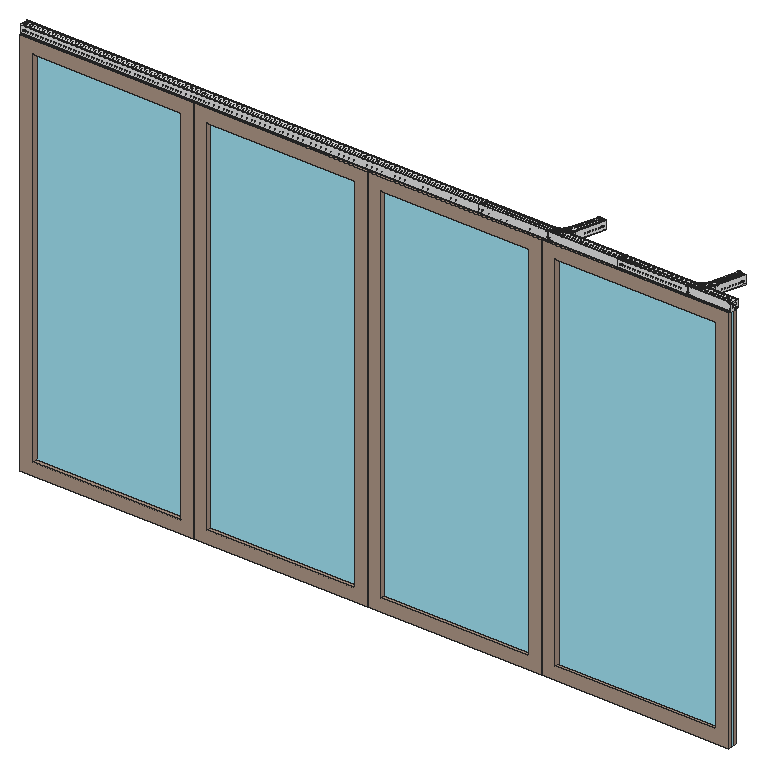
Revit family "RAYDOOR-SSPA3PV1", category Doors, host Wall, Revit 2016
Family settings
  Host = Wall
  Always vertical = Yes
  Cut with Voids When Loaded = No
  Shared = No
  Room Calculation Point = No
Parameters (values of type "167 7/8"x95"")
  URL = "www.raydoor.com"
  Type Image = SSPAPV.jpg
  Thickness = 2 1/4"  # constant formula
  Rough Width = 1"  # constant formula
  Rough Height = (Width - 3 7/8") / 4  # 41"
  Pivot Panel 2 = Rough Height + 3 21/32"  # 44 21/32"
  Pivot Panel = Rough Height + 3"  # 44"
  Panel = Rough Height + 3/32"  # 41 3/32"
  Operation = "sliding+pivot"  # constant formula
  Model = "SSPAPV"
  Function = Interior
  Door Material = Door - Panel
  Panel Material = Glass, Cast, Gray
  Height = 95"
  Trim Projection Ext = 63/64"  # constant formula
  Typ = 3"  # constant formula
  Wall Closure = By host
  Width = 167 7/8"
  Assembly Code = "SSPA3PV1"
Reference planes (in)
  plane 1: y = 0.00227
  plane 2: z = 0
  plane 3: x = 82.5
  plane 4: x = -1.4375
  plane 5: x = 166.4375
  plane 6: z = 95
  plane 7: x = 163.4375
  plane 8: x = 164.9375
  plane 9: x = 0.0625
  plane 10: x = 1.5625
  plane 11: y = -1.12355
  plane 12: y = 1.12645
  plane 13: z = 92.78125
  plane 14: x = 42.65625
  plane 15: x = 41.15625
  plane 16: x = 36.65625
  plane 17: x = 38.15625
  plane 18: x = 120.28125
  plane 19: x = 121.78125
  plane 20: x = 118.78125
  plane 21: x = 79.21875
  plane 22: x = 80.71875
  plane 23: x = 77.71875
  plane 24: x = 82.21875
  plane 25: x = 83.71875
  plane 26: x = 123.28125
  plane 27: x = 124.78125
  plane 28: x = 39.65625
Forms (in)
  Extrusion 1, solid, material "Door - Panel" <- "Door Material"
    sketch origin (-58, 3.87418, 0.25) x (1, 0, 0) y (0, 0, 1)
      loop
        line (97.6875, 92.53125) -> (97.6875, 0.375) -> (138.6875, 0.375) -> (138.6875, 92.53125) -> (97.6875, 92.53125)
      loop
        line (100.6875, 89.53125) -> (100.6875, 3.375) -> (135.6875, 3.375) -> (135.6875, 89.53125) -> (100.6875, 89.53125)
    from 2.74773 to 4.99773
  Extrusion 2, solid, material "Glass, Cast, Gray" <- "Panel Material"
    sketch origin (-57.74997, -26.22787, 0.25) x (1, 0, 0) y (0, 0, 1)
      loop
        line (97.43747, 92.53125) -> (97.43747, 0.375) -> (138.43747, 0.375) -> (138.43747, 92.53125) -> (97.43747, 92.53125)
    from -26.35104 to -26.10268
  Extrusion 3, solid, material "UHMW, White"
    sketch origin (0, 40.4202, -9.0893) x (0, 1, 0) y (0, 0, 1)
      loop
        arc (-39.68171, 103.71529) -> (-39.61212, 103.68646) -> (-39.58329, 103.61686) r 0.09843
        line (-39.58329, 103.61686) -> (-39.58329, 102.83537)
        arc (-39.58329, 102.83537) -> (-39.61289, 102.79387) -> (-39.66373, 102.79009) r 0.06004
        line (-39.66373, 102.79009) -> (-40.08329, 102.79009)
        arc (-40.08329, 102.79009) -> (-40.09721, 102.78433) -> (-40.10297, 102.77041) r 0.01969
        line (-40.10297, 102.77041) -> (-40.10297, 102.41607) -> (-40.04392, 102.41607)
        arc (-40.04392, 102.41607) -> (-40.03, 102.42184) -> (-40.02423, 102.43576) r 0.01969
        line (-40.02423, 102.43576) -> (-40.02423, 102.63261)
        arc (-40.02423, 102.63261) -> (-40.01847, 102.64653) -> (-40.00455, 102.6523) r 0.01969
        line (-40.00455, 102.6523) -> (-39.55179, 102.6523) -> (-39.55179, 102.21922)
        arc (-39.55179, 102.21922) -> (-39.55756, 102.20531) -> (-39.57148, 102.19954) r 0.01969
        line (-39.57148, 102.19954) -> (-40.07345, 102.19954)
        arc (-40.07345, 102.19954) -> (-40.10297, 102.16017) -> (-40.07345, 102.1208) r 0.04101
        line (-40.07345, 102.1208) -> (-39.51242, 102.1208)
        arc (-39.51242, 102.1208) -> (-39.48458, 102.13233) -> (-39.47305, 102.16017) r 0.03937
        line (-39.47305, 102.16017) -> (-39.47305, 104.05943)
        arc (-39.47305, 104.05943) -> (-39.4818, 104.08055) -> (-39.50292, 104.0893) r 0.02987
        line (-39.50292, 104.0893) -> (-39.55179, 104.0893) -> (-39.55179, 103.82552) -> (-40.02423, 103.82552) -> (-40.02423, 103.91214) -> (-39.95337, 103.91214) -> (-39.95337, 103.983) -> (-40.07345, 103.983)
        arc (-40.07345, 103.983) -> (-40.09433, 103.97436) -> (-40.10297, 103.95348) r 0.02953
        line (-40.10297, 103.95348) -> (-40.10297, 103.73497)
        arc (-40.10297, 103.73497) -> (-40.09721, 103.72105) -> (-40.08329, 103.71529) r 0.01969
        line (-40.08329, 103.71529) -> (-39.68171, 103.71529)
      loop
        line (-39.55967, 104.0893) -> (-41.2762, 104.0893) -> (-41.2762, 103.99088) -> (-41.20534, 103.99088) -> (-41.20534, 103.89998) -> (-41.2762, 103.89998) -> (-41.2762, 103.84127) -> (-40.81951, 103.84127) -> (-40.81951, 103.89998) -> (-40.89038, 103.89998) -> (-40.89038, 103.99088) -> (-40.75555, 103.99088)
        arc (-40.75555, 103.99088) -> (-40.73784, 103.98498) -> (-40.72721, 103.96964) r 0.02953
        line (-40.72721, 103.96964) -> (-40.70559, 103.89245) -> (-40.13028, 103.89245) -> (-40.10866, 103.96964)
        arc (-40.10866, 103.96964) -> (-40.09803, 103.98498) -> (-40.08032, 103.99088) r 0.02953
        line (-40.08032, 103.99088) -> (-39.94549, 103.99088) -> (-39.94549, 103.89998) -> (-40.01636, 103.89998) -> (-40.01636, 103.84127) -> (-39.55967, 103.84127) -> (-39.55967, 103.89998) -> (-39.63053, 103.89998) -> (-39.63053, 103.99088) -> (-39.55967, 103.99088) -> (-39.55967, 104.0893)
      loop
        line (-41.15416, 103.71529) -> (-40.75258, 103.71529)
        arc (-40.75258, 103.71529) -> (-40.73866, 103.72105) -> (-40.7329, 103.73497) r 0.01969
        line (-40.7329, 103.73497) -> (-40.7329, 103.95348)
        arc (-40.7329, 103.95348) -> (-40.74154, 103.97436) -> (-40.76242, 103.983) r 0.02953
        line (-40.76242, 103.983) -> (-40.8825, 103.983) -> (-40.8825, 103.91214) -> (-40.81164, 103.91214) -> (-40.81164, 103.82552) -> (-41.28408, 103.82552) -> (-41.28408, 104.0893) -> (-41.33295, 104.0893)
        arc (-41.33295, 104.0893) -> (-41.35407, 104.08055) -> (-41.36282, 104.05943) r 0.02987
        line (-41.36282, 104.05943) -> (-41.36282, 102.16017)
        arc (-41.36282, 102.16017) -> (-41.35129, 102.13233) -> (-41.32345, 102.1208) r 0.03937
        line (-41.32345, 102.1208) -> (-40.76242, 102.1208)
        arc (-40.76242, 102.1208) -> (-40.7329, 102.16017) -> (-40.76242, 102.19954) r 0.04101
        line (-40.76242, 102.19954) -> (-41.26439, 102.19954)
        arc (-41.26439, 102.19954) -> (-41.27831, 102.20531) -> (-41.28408, 102.21922) r 0.01969
        line (-41.28408, 102.21922) -> (-41.28408, 102.6523) -> (-40.83132, 102.6523)
        arc (-40.83132, 102.6523) -> (-40.8174, 102.64653) -> (-40.81164, 102.63261) r 0.01969
        line (-40.81164, 102.63261) -> (-40.81164, 102.43576)
        arc (-40.81164, 102.43576) -> (-40.80587, 102.42184) -> (-40.79195, 102.41607) r 0.01969
        line (-40.79195, 102.41607) -> (-40.7329, 102.41607) -> (-40.7329, 102.77041)
        arc (-40.7329, 102.77041) -> (-40.73866, 102.78433) -> (-40.75258, 102.79009) r 0.01969
        line (-40.75258, 102.79009) -> (-41.17214, 102.79009)
        arc (-41.17214, 102.79009) -> (-41.22298, 102.79387) -> (-41.25258, 102.83537) r 0.06004
        line (-41.25258, 102.83537) -> (-41.25258, 103.61686)
        arc (-41.25258, 103.61686) -> (-41.22375, 103.68646) -> (-41.15416, 103.71529) r 0.09843
    from -1.4375 to 166.4375
  Extrusion 4, void
    sketch origin (-195.25, -5.58383, 0.25) x (1, 0, 0) y (0, 0, 1)
      loop
        line (193.8125, -0.25) -> (361.6875, -0.25) -> (361.6875, 94.75) -> (193.8125, 94.75) -> (193.8125, -0.25)
    from -8.08609 to -3.08609
  Extrusion 5, solid, material "UHMW, White"
    sketch origin (-95.86615, -11.16274, 94.125) x (0, -1, 0) y (1, 0, 0)
      loop
        circle (-11.16501, 134.0224) r 0.125
    from -1.34375 to 0.875
  Sweep 6, solid, material "UHMW, White"
    path origin (0, 0, 0) x (1, 0, 0) y (0, 1, 0)
      loop
        line (127.1875, 9.31395) -> (125.4173, 2.70745)
        arc (125.4173, 2.70745) -> (124.56903, 1.43793) -> (123.12322, 0.94715) r 2.375
        line (123.12322, 0.94715) -> (106.78411, 0.94715)
    profile origin (114.95367, 0.94715, 0) x (0, -1, 0) y (0, 0, 1)
      loop
        line (0.11024, 93.74606) -> (0.11024, 94.52756)
        arc (0.11024, 94.52756) -> (0.13906, 94.59716) -> (0.20866, 94.62598) r 0.09843
        line (0.20866, 94.62598) -> (0.61024, 94.62598)
        arc (0.61024, 94.62598) -> (0.62415, 94.63175) -> (0.62992, 94.64567) r 0.01969
        line (0.62992, 94.64567) -> (0.62992, 94.86417)
        arc (0.62992, 94.86417) -> (0.62127, 94.88505) -> (0.60039, 94.8937) r 0.02953
        line (0.60039, 94.8937) -> (0.48031, 94.8937) -> (0.48031, 94.82283) -> (0.55118, 94.82283) -> (0.55118, 94.73622) -> (0.07874, 94.73622) -> (0.07874, 95) -> (0.02987, 95)
        arc (0.02987, 95) -> (0.00875, 94.99125) -> (0, 94.97013) r 0.02987
        line (0, 94.97013) -> (0, 93.07087)
        arc (0, 93.07087) -> (0.01153, 93.04303) -> (0.03937, 93.0315) r 0.03937
        line (0.03937, 93.0315) -> (0.60039, 93.0315)
        arc (0.60039, 93.0315) -> (0.62992, 93.07087) -> (0.60039, 93.11024) r 0.04101
        line (0.60039, 93.11024) -> (0.09842, 93.11024)
        arc (0.09842, 93.11024) -> (0.0845, 93.116) -> (0.07874, 93.12992) r 0.01969
        line (0.07874, 93.12992) -> (0.07874, 93.56299) -> (0.5315, 93.56299)
        arc (0.5315, 93.56299) -> (0.54541, 93.55723) -> (0.55118, 93.54331) r 0.01969
        line (0.55118, 93.54331) -> (0.55118, 93.34646)
        arc (0.55118, 93.34646) -> (0.55695, 93.33254) -> (0.57087, 93.32677) r 0.01969
        line (0.57087, 93.32677) -> (0.62992, 93.32677) -> (0.62992, 93.6811)
        arc (0.62992, 93.6811) -> (0.62415, 93.69502) -> (0.61024, 93.70079) r 0.01969
        line (0.61024, 93.70079) -> (0.19067, 93.70079)
        arc (0.19067, 93.70079) -> (0.13984, 93.70457) -> (0.11024, 93.74606) r 0.06004
      loop
        line (1.77953, 94.52756) -> (1.77953, 93.74606)
        arc (1.77953, 93.74606) -> (1.74992, 93.70457) -> (1.69909, 93.70079) r 0.06004
        line (1.69909, 93.70079) -> (1.27953, 93.70079)
        arc (1.27953, 93.70079) -> (1.26561, 93.69502) -> (1.25984, 93.6811) r 0.01969
        line (1.25984, 93.6811) -> (1.25984, 93.32677) -> (1.3189, 93.32677)
        arc (1.3189, 93.32677) -> (1.33282, 93.33254) -> (1.33858, 93.34646) r 0.01969
        line (1.33858, 93.34646) -> (1.33858, 93.54331)
        arc (1.33858, 93.54331) -> (1.34435, 93.55723) -> (1.35827, 93.56299) r 0.01969
        line (1.35827, 93.56299) -> (1.81102, 93.56299) -> (1.81102, 93.12992)
        arc (1.81102, 93.12992) -> (1.80526, 93.116) -> (1.79134, 93.11024) r 0.01969
        line (1.79134, 93.11024) -> (1.28937, 93.11024)
        arc (1.28937, 93.11024) -> (1.25984, 93.07087) -> (1.28937, 93.0315) r 0.04101
        line (1.28937, 93.0315) -> (1.85039, 93.0315)
        arc (1.85039, 93.0315) -> (1.87823, 93.04303) -> (1.88976, 93.07087) r 0.03937
        line (1.88976, 93.07087) -> (1.88976, 94.97013)
        arc (1.88976, 94.97013) -> (1.88102, 94.99125) -> (1.85989, 95) r 0.02987
        line (1.85989, 95) -> (1.81102, 95) -> (1.81102, 94.73622) -> (1.33858, 94.73622) -> (1.33858, 94.82283) -> (1.40945, 94.82283) -> (1.40945, 94.8937) -> (1.28937, 94.8937)
        arc (1.28937, 94.8937) -> (1.26849, 94.88505) -> (1.25984, 94.86417) r 0.02953
        line (1.25984, 94.86417) -> (1.25984, 94.64567)
        arc (1.25984, 94.64567) -> (1.26561, 94.63175) -> (1.27953, 94.62598) r 0.01969
        line (1.27953, 94.62598) -> (1.6811, 94.62598)
        arc (1.6811, 94.62598) -> (1.7507, 94.59716) -> (1.77953, 94.52756) r 0.09843
      loop
        line (0.65723, 94.80315) -> (1.23253, 94.80315) -> (1.25416, 94.88034)
        arc (1.25416, 94.88034) -> (1.26479, 94.89568) -> (1.2825, 94.90157) r 0.02953
        line (1.2825, 94.90157) -> (1.41732, 94.90157) -> (1.41732, 94.81067) -> (1.34646, 94.81067) -> (1.34646, 94.75197) -> (1.80315, 94.75197) -> (1.80315, 94.81067) -> (1.73228, 94.81067) -> (1.73228, 94.90157) -> (1.80315, 94.90157) -> (1.80315, 95) -> (0.08661, 95) -> (0.08661, 94.90157) -> (0.15748, 94.90157) -> (0.15748, 94.81067) -> (0.08661, 94.81067) -> (0.08661, 94.75197) -> (0.54331, 94.75197) -> (0.54331, 94.81067) -> (0.47244, 94.81067) -> (0.47244, 94.90157) -> (0.60726, 94.90157)
        arc (0.60726, 94.90157) -> (0.62497, 94.89568) -> (0.6356, 94.88034) r 0.02953
        line (0.6356, 94.88034) -> (0.65723, 94.80315)
  Extrusion 7, solid, material "UHMW, White"
    sketch origin (-54.96465, -11.16274, 94.125) x (0, -1, 0) y (1, 0, 0)
      loop
        circle (-11.16501, 134.1834) r 0.125
    from -1.34375 to 0.875
  Extrusion 8, solid, material "Door - Panel" <- "Door Material"
    sketch origin (-282, 3.87418, 0.25) x (1, 0, 0) y (0, 0, 1)
      loop
        line (280.625, 92.53125) -> (280.625, 0.375) -> (321.625, 0.375) -> (321.625, 92.53125) -> (280.625, 92.53125)
      loop
        line (283.625, 89.53125) -> (283.625, 3.375) -> (318.625, 3.375) -> (318.625, 89.53125) -> (283.625, 89.53125)
    from 2.74773 to 4.99773
  Extrusion 9, solid, material "Glass, Cast, Gray" <- "Panel Material"
    sketch origin (-281.84169, -25.60041, 0.25) x (1, 0, 0) y (0, 0, 1)
      loop
        line (280.46669, 92.53125) -> (280.46669, 0.375) -> (321.46669, 0.375) -> (321.46669, 92.53125) -> (280.46669, 92.53125)
    from -25.72358 to -25.47522
  Extrusion 10, solid, material "UHMW, White"
    sketch origin (-178.19949, -11.16274, 94.125) x (0, -1, 0) y (1, 0, 0)
      loop
        circle (-11.16501, 219.35574) r 0.125
    from -1.34375 to 0.875
  Extrusion 11, solid, material "UHMW, White"
    sketch origin (27.63385, -11.16274, 94.125) x (0, -1, 0) y (1, 0, 0)
      loop
        circle (-11.16501, 137.30365) r 0.125
    from -1.34375 to 0.875
  Extrusion 12, solid, material "UHMW, White"
    sketch origin (-13.53282, -11.16274, 94.125) x (0, -1, 0) y (1, 0, 0)
      loop
        circle (-11.16501, 133.81407) r 0.125
    from -1.34375 to 0.875
  Extrusion 13, solid, material "UHMW, White"
    sketch origin (-51.38132, -11.16274, 94.125) x (0, -1, 0) y (1, 0, 0)
      loop
        circle (-11.16501, 133.60007) r 0.125
    from -1.34375 to 0.875
  Extrusion 14, solid, material "Door - Panel" <- "Door Material"
    sketch origin (-13, 3.87418, 0.25) x (1, 0, 0) y (0, 0, 1)
      loop
        line (93.75, 92.53125) -> (93.75, 0.375) -> (134.75, 0.375) -> (134.75, 92.53125) -> (93.75, 92.53125)
      loop
        line (96.75, 89.53125) -> (96.75, 3.375) -> (131.75, 3.375) -> (131.75, 89.53125) -> (96.75, 89.53125)
    from 2.74773 to 4.99773
  Extrusion 15, solid, material "Glass, Cast, Gray" <- "Panel Material"
    sketch origin (-12.74997, -26.22787, 0.25) x (1, 0, 0) y (0, 0, 1)
      loop
        line (93.49997, 92.53125) -> (93.49997, 0.375) -> (134.49997, 0.375) -> (134.49997, 92.53125) -> (93.49997, 92.53125)
    from -26.35104 to -26.10268
  Extrusion 16, solid, material "Door - Panel" <- "Door Material"
    sketch origin (29, 3.87418, 0.25) x (1, 0, 0) y (0, 0, 1)
      loop
        line (92.9375, 92.53125) -> (92.9375, 0.375) -> (136.9375, 0.375) -> (136.9375, 92.53125) -> (92.9375, 92.53125)
      loop
        line (95.9375, 89.53125) -> (95.9375, 3.375) -> (133.9375, 3.375) -> (133.9375, 89.53125) -> (95.9375, 89.53125)
    from 2.74773 to 4.99773
  Extrusion 17, solid, material "Glass, Cast, Gray" <- "Panel Material"
    sketch origin (29.25003, -26.22787, 0.25) x (1, 0, 0) y (0, 0, 1)
      loop
        line (92.68747, 92.53125) -> (92.68747, 0.375) -> (136.68747, 0.375) -> (136.68747, 92.53125) -> (92.68747, 92.53125)
    from -26.35104 to -26.10268
  Extrusion 18, solid, material "UHMW, White"
    sketch origin (-216.2685, -11.16274, 94.125) x (0, -1, 0) y (1, 0, 0)
      loop
        circle (-11.16501, 216.331) r 0.125
    from -1.34375 to 0.875
  Sweep 19, solid, material "UHMW, White"
    path origin (34.03125, 0, 0) x (1, 0, 0) y (0, 1, 0)
      loop
        line (126.09375, 9.31395) -> (124.32355, 2.70745)
        arc (124.32355, 2.70745) -> (123.47528, 1.43793) -> (122.02947, 0.94715) r 2.375
        line (122.02947, 0.94715) -> (105.69036, 0.94715)
    profile origin (147.89117, 0.94715, 0) x (0, -1, 0) y (0, 0, 1)
      loop
        line (0.11024, 93.74606) -> (0.11024, 94.52756)
        arc (0.11024, 94.52756) -> (0.13906, 94.59716) -> (0.20866, 94.62598) r 0.09843
        line (0.20866, 94.62598) -> (0.61024, 94.62598)
        arc (0.61024, 94.62598) -> (0.62415, 94.63175) -> (0.62992, 94.64567) r 0.01969
        line (0.62992, 94.64567) -> (0.62992, 94.86417)
        arc (0.62992, 94.86417) -> (0.62127, 94.88505) -> (0.60039, 94.8937) r 0.02953
        line (0.60039, 94.8937) -> (0.48031, 94.8937) -> (0.48031, 94.82283) -> (0.55118, 94.82283) -> (0.55118, 94.73622) -> (0.07874, 94.73622) -> (0.07874, 95) -> (0.02987, 95)
        arc (0.02987, 95) -> (0.00875, 94.99125) -> (0, 94.97013) r 0.02987
        line (0, 94.97013) -> (0, 93.07087)
        arc (0, 93.07087) -> (0.01153, 93.04303) -> (0.03937, 93.0315) r 0.03937
        line (0.03937, 93.0315) -> (0.60039, 93.0315)
        arc (0.60039, 93.0315) -> (0.62992, 93.07087) -> (0.60039, 93.11024) r 0.04101
        line (0.60039, 93.11024) -> (0.09842, 93.11024)
        arc (0.09842, 93.11024) -> (0.0845, 93.116) -> (0.07874, 93.12992) r 0.01969
        line (0.07874, 93.12992) -> (0.07874, 93.56299) -> (0.5315, 93.56299)
        arc (0.5315, 93.56299) -> (0.54541, 93.55723) -> (0.55118, 93.54331) r 0.01969
        line (0.55118, 93.54331) -> (0.55118, 93.34646)
        arc (0.55118, 93.34646) -> (0.55695, 93.33254) -> (0.57087, 93.32677) r 0.01969
        line (0.57087, 93.32677) -> (0.62992, 93.32677) -> (0.62992, 93.6811)
        arc (0.62992, 93.6811) -> (0.62415, 93.69502) -> (0.61024, 93.70079) r 0.01969
        line (0.61024, 93.70079) -> (0.19067, 93.70079)
        arc (0.19067, 93.70079) -> (0.13984, 93.70457) -> (0.11024, 93.74606) r 0.06004
      loop
        line (1.77953, 94.52756) -> (1.77953, 93.74606)
        arc (1.77953, 93.74606) -> (1.74992, 93.70457) -> (1.69909, 93.70079) r 0.06004
        line (1.69909, 93.70079) -> (1.27953, 93.70079)
        arc (1.27953, 93.70079) -> (1.26561, 93.69502) -> (1.25984, 93.6811) r 0.01969
        line (1.25984, 93.6811) -> (1.25984, 93.32677) -> (1.3189, 93.32677)
        arc (1.3189, 93.32677) -> (1.33282, 93.33254) -> (1.33858, 93.34646) r 0.01969
        line (1.33858, 93.34646) -> (1.33858, 93.54331)
        arc (1.33858, 93.54331) -> (1.34435, 93.55723) -> (1.35827, 93.56299) r 0.01969
        line (1.35827, 93.56299) -> (1.81102, 93.56299) -> (1.81102, 93.12992)
        arc (1.81102, 93.12992) -> (1.80526, 93.116) -> (1.79134, 93.11024) r 0.01969
        line (1.79134, 93.11024) -> (1.28937, 93.11024)
        arc (1.28937, 93.11024) -> (1.25984, 93.07087) -> (1.28937, 93.0315) r 0.04101
        line (1.28937, 93.0315) -> (1.85039, 93.0315)
        arc (1.85039, 93.0315) -> (1.87823, 93.04303) -> (1.88976, 93.07087) r 0.03937
        line (1.88976, 93.07087) -> (1.88976, 94.97013)
        arc (1.88976, 94.97013) -> (1.88102, 94.99125) -> (1.85989, 95) r 0.02987
        line (1.85989, 95) -> (1.81102, 95) -> (1.81102, 94.73622) -> (1.33858, 94.73622) -> (1.33858, 94.82283) -> (1.40945, 94.82283) -> (1.40945, 94.8937) -> (1.28937, 94.8937)
        arc (1.28937, 94.8937) -> (1.26849, 94.88505) -> (1.25984, 94.86417) r 0.02953
        line (1.25984, 94.86417) -> (1.25984, 94.64567)
        arc (1.25984, 94.64567) -> (1.26561, 94.63175) -> (1.27953, 94.62598) r 0.01969
        line (1.27953, 94.62598) -> (1.6811, 94.62598)
        arc (1.6811, 94.62598) -> (1.7507, 94.59716) -> (1.77953, 94.52756) r 0.09843
      loop
        line (0.65723, 94.80315) -> (1.23253, 94.80315) -> (1.25416, 94.88034)
        arc (1.25416, 94.88034) -> (1.26479, 94.89568) -> (1.2825, 94.90157) r 0.02953
        line (1.2825, 94.90157) -> (1.41732, 94.90157) -> (1.41732, 94.81067) -> (1.34646, 94.81067) -> (1.34646, 94.75197) -> (1.80315, 94.75197) -> (1.80315, 94.81067) -> (1.73228, 94.81067) -> (1.73228, 94.90157) -> (1.80315, 94.90157) -> (1.80315, 95) -> (0.08661, 95) -> (0.08661, 94.90157) -> (0.15748, 94.90157) -> (0.15748, 94.81067) -> (0.08661, 94.81067) -> (0.08661, 94.75197) -> (0.54331, 94.75197) -> (0.54331, 94.81067) -> (0.47244, 94.81067) -> (0.47244, 94.90157) -> (0.60726, 94.90157)
        arc (0.60726, 94.90157) -> (0.62497, 94.89568) -> (0.6356, 94.88034) r 0.02953
        line (0.6356, 94.88034) -> (0.65723, 94.80315)
Lines and regions (in)
  Masking region 1
    outline origin (0, 0, 0) x (1, 0, 0) y (0, 1, 0)
      loop
        line (162.9375, 1.37645) -> (162.9375, 3.62645) -> (121.9375, 3.62645) -> (121.9375, 1.37645) -> (162.9375, 1.37645)
      loop
        line (165.9375, 1.12645) -> (163.6875, 1.12645) -> (163.6875, -42.87355) -> (165.9375, -42.87355) -> (165.9375, 1.12645)
      loop
        line (162.9375, 3.87645) -> (162.9375, 6.12645) -> (121.9375, 6.12645) -> (121.9375, 3.87645) -> (162.9375, 3.87645)
      loop
        line (162.9375, 6.37645) -> (162.9375, 8.62645) -> (121.9375, 8.62645) -> (121.9375, 6.37645) -> (162.9375, 6.37645)
  model lines
    curve 1: line (-1.4375, 2.50227, 0) -> (166.4375, 2.50227, 0)
    curve 2: line (-1.4375, -2.49773, 0) -> (166.4375, -2.49773, 0)
  symbolic lines, style "DoorsHiddenLines"
    curve 3: arc (163.6875, -42.97017, 0) -> (134.41425, -30.39217, 0) -> (121.84071, -1.11701, 0) r 42.98634
    curve 4: line (160.20106, 9.29357, 0) -> (158.43085, 2.68707, 0)
    curve 13: arc (158.43085, 2.68707, 0) -> (157.55446, 1.37547, 0) -> (156.06072, 0.86841, 0) r 2.45374
    curve 14: arc (125.49335, 2.68707, 0) -> (124.61696, 1.37547, 0) -> (123.12322, 0.86841, 0) r 2.45374
    curve 15: line (125.49335, 2.68707, 0) -> (127.26356, 9.29357, 0)
  symbolic lines, style "Elevation Swing"
    curve 5: line (66.35343, 0, 37.98833) -> (98.66488, 0, 37.98833)
    curve 6: line (98.66488, 0, 32.79755) -> (66.35343, 0, 32.79755)
    curve 7: line (66.35343, 0, 37.98833) -> (69.88896, 0, 41.52386)
    curve 8: line (95.12934, 0, 29.26202) -> (98.66488, 0, 32.79755)
  symbolic lines, style "Plan Swing"
    curve 9: line (91.50955, -11.05138, 0) -> (73.50955, -11.05138, 0)
    curve 10: line (73.50955, -11.05138, 0) -> (75.63087, -8.93006, 0)
    curve 11: line (91.50955, -12.57036, 0) -> (73.5269, -12.57036, 0)
    curve 12: line (89.38823, -14.69168, 0) -> (91.50955, -12.57036, 0)
Text (in)
  text "Staking Area" at (209.56376, 29.89776, 0), in view "Ground floor"
Dimensions and locks (in)
  "Height": plane 6 to plane 2
  equal spacing: plane 7, plane 8, plane 5
  "Typ": plane 7 to plane 5
  "Typ": Extrusion 1 sketch curve to Extrusion 1 sketch curve  (x4)
  locked: Extrusion 2 to Extrusion 2 at 0.24836
  "Typ": plane 4 to plane 10
  "Thickness": plane 12 to plane 11
  equal spacing: plane 4, plane 9, plane 10
  locked: plane 6 to plane 13 at 2.21875
  "Typ": plane 28 to plane 14
  equal spacing: plane 28, plane 15, plane 14
  "Typ": plane 28 to plane 16
  equal spacing: plane 28, plane 17, plane 16
  "Typ": plane 20 to plane 19
  equal spacing: plane 20, plane 18, plane 19
  "Typ": plane 23 to plane 22
  equal spacing: plane 23, plane 21, plane 22
  "Typ": plane 22 to plane 25
  equal spacing: plane 22, plane 24, plane 25
  "Typ": plane 19 to plane 27
  equal spacing: plane 19, plane 26, plane 27
  locked: Masking region 1 sketch curve to plane 5 at 3.5
  "Rough Height": Masking region 1 sketch curve to Masking region 1 sketch curve
  "Thickness": Masking region 1 sketch curve to Masking region 1 sketch curve  (x4)
  locked: Extrusion 7 sketch curve to plane 21 at 0.125
  "Typ": Extrusion 8 sketch curve to Extrusion 8 sketch curve  (x4)
  locked: Extrusion 9 to Extrusion 9 at 0.24836
  locked: Extrusion 13 sketch curve to plane 24 at 0.125
  "Typ": Extrusion 14 sketch curve to Extrusion 14 sketch curve  (x4)
  locked: Extrusion 15 to Extrusion 15 at 0.24836
  "Typ": Extrusion 16 sketch curve to Extrusion 16 sketch curve  (x4)
  locked: Extrusion 17 to Extrusion 17 at 0.24836
  "Width": plane 4 to plane 5
  Extrusion 8 to level = 5/8"
  Extrusion 3 to plane 6 = 1.9685"
  Extrusion 3 to Extrusion 3 = 1.88976"
  plane 13 to Extrusion 3 = 0.25025"
  plane 13 to plane 6 = 2 7/32"
  locked: plane 4 to Extrusion 8 sketch curve at 0.0625
  locked: Extrusion 16 sketch curve to plane 5 at 0.5
  locked: plane 19 to Extrusion 16 sketch curve at 0.15625
  locked: Extrusion 14 sketch curve to plane 19 at 0.03125
  locked: plane 22 to Extrusion 14 sketch curve at 0.03125
  locked: Extrusion 1 sketch curve to plane 22 at 0.03125
  locked: Extrusion 1 sketch curve to plane 28 at 0.03125
  "Pivot Panel": Masking region 1 sketch curve to Masking region 1 sketch curve
  equal spacing: plane 4, plane 3, plane 5
  locked: Masking region 1 sketch curve to plane 12 at 0.25
  locked: Masking region 1 sketch curve to Masking region 1 sketch curve at 0.25  (x2)
  locked: Extrusion 18 sketch curve to host wall at 0.125
  locked: plane 9 to Extrusion 18 sketch curve at 0.125
  locked: Sweep 6 sketch curve to plane 5 at 39.25
  locked: Sweep 6 sketch curve to plane 12 at 8.1875
  locked: plane 12 to Sweep 19 sketch curve at 0.1793
  locked: Sweep 19 sketch curve to plane 5 at 6.3125
  locked: Sweep 19 sketch curve to plane 12 at 8.1875
  locked: host wall to Extrusion 10 sketch curve at 0.125
  locked: Extrusion 10 sketch curve to plane 15 at 0.125
  locked: Extrusion 8 sketch curve to plane 28 at 0.03125
  "Pivot Panel 2": plane 19 to plane 5
  "Panel": plane 4 to plane 28
  equal spacing: plane 28, plane 22, plane 19
  diameter of Extrusion 5 sketch curve = 1/4"
  radius of Sweep 6 sketch curve = 2 3/8"
  radius of Sweep 19 sketch curve = 2 3/8"
  radius of Extrusion 10 sketch curve = 1/8"
  locked: Sweep 6 sketch curve to Sweep 6 sketch curve (angle 105.00°)
  locked: Sweep 19 sketch curve to Sweep 19 sketch curve (angle 105.00°)
  aligned and locked: plane 5 to curve 1
  aligned and locked: Extrusion 1 to Extrusion 2
  aligned and locked: plane 4 to Extrusion 4
  aligned and locked: host wall to Extrusion 4  (x2)
  aligned and locked: Extrusion 4 to plane 5
  aligned and locked: level to Extrusion 4
  aligned and locked: plane 13 to Extrusion 5
  aligned and locked: Extrusion 5 to plane 6
  aligned and locked: host wall to curve 2
  aligned and locked: Extrusion 1 to Extrusion 2 sketch curve
  aligned and locked: plane 6 to Extrusion 3 sketch curve
  aligned and locked: plane 4 to Extrusion 3
  aligned and locked: Extrusion 3 to plane 5
  aligned and locked: plane 13 to Extrusion 7
  aligned and locked: Extrusion 7 to plane 6
  aligned and locked: Extrusion 8 to Extrusion 9
  aligned and locked: Extrusion 8 to Extrusion 9 sketch curve
  aligned and locked: plane 13 to Extrusion 10
  aligned and locked: Extrusion 10 to plane 6
  aligned and locked: Extrusion 8 to plane 13
  aligned and locked: Extrusion 13 to plane 6
  aligned and locked: plane 13 to Extrusion 13
  aligned and locked: Extrusion 12 to plane 6
  aligned and locked: Extrusion 11 to plane 6
  aligned and locked: plane 13 to Extrusion 11
  aligned and locked: plane 13 to Extrusion 12
  aligned and locked: Extrusion 14 to Extrusion 15
  aligned and locked: Extrusion 14 to Extrusion 15 sketch curve
  aligned and locked: Extrusion 16 to Extrusion 17
  aligned and locked: Extrusion 16 to Extrusion 17 sketch curve
  aligned and locked: Extrusion 14 to plane 13
  aligned and locked: Sweep 6 sketch curve to plane 6
  aligned and locked: Extrusion 15 to Extrusion 14  (x2)
  aligned and locked: Extrusion 2 to Extrusion 1  (x2)
  aligned and locked: Extrusion 9 to Extrusion 8  (x2)
  aligned and locked: Extrusion 16 to Masking region 1 sketch curve
  aligned and locked: Masking region 1 sketch curve to Masking region 1 sketch curve  (x4)
  aligned and locked: plane 13 to Extrusion 18
  aligned and locked: Extrusion 18 to plane 6
  aligned and locked: Sweep 19 sketch curve to plane 6
  aligned and locked: curve 13 to Sweep 19
  aligned and locked: curve 14 to Sweep 6
Automatic sketch dimensions
  host wall to Extrusion 5 sketch curve = 0"
  Extrusion 5 sketch curve to plane 17 = 0"
  Sweep 6 sketch curve to plane 12 = 0.1793"
  host wall to Extrusion 7 sketch curve = 0"
  Extrusion 7 sketch curve to plane 21 = 0"
  host wall to Extrusion 11 sketch curve = 0"
  Extrusion 11 sketch curve to plane 8 = 0"
  host wall to Extrusion 12 sketch curve = 0"
  Extrusion 12 sketch curve to plane 18 = 0"
  host wall to Extrusion 13 sketch curve = 0"
  Extrusion 13 sketch curve to plane 24 = 0"
  host wall to Extrusion 18 sketch curve = 0"
  curve 7 to plane 23 = 11.36532"
  level to curve 7 = 37.98833"
  curve 8 to plane 25 = 14.94613"
  curve 5 to curve 8 = 5.19077"
  curve 7 to plane 23 = 7.82979"
  curve 7 to curve 5 = 3.53553"
  curve 8 to plane 25 = 11.41059"
  curve 6 to curve 8 = 3.53553"
  curve 5 to curve 6 = 0"  (x2)
  curve 1 to level = 0"
  plane 4 to curve 1 = 0"
  Extrusion 1 sketch curve to plane 13 = 0"
  level to Extrusion 1 sketch curve = 3 5/8"
  Extrusion 2 sketch curve to plane 13 = 0"
  plane 28 to Extrusion 2 sketch curve = 1/32"
  plane 22 to Extrusion 2 sketch curve = 1/32"
  plane 6 to Extrusion 3 sketch curve = 0"  (x2)
  plane 6 to Extrusion 3 sketch curve = 0.02987"
  plane 11 to Extrusion 3 sketch curve = 0.18094"
  Extrusion 3 sketch curve to Extrusion 3 sketch curve = 0.03937"  (x6)
  Extrusion 3 sketch curve to Extrusion 3 sketch curve = 0.04887"  (x2)
  plane 11 to Extrusion 3 sketch curve = 0.25968"
  Extrusion 3 sketch curve to Extrusion 3 sketch curve = 0.00787"  (x7)
  Extrusion 3 sketch curve to Extrusion 3 sketch curve = 0.01969"  (x6)
  Extrusion 3 sketch curve to Extrusion 3 sketch curve = 0.0315"
  Extrusion 3 sketch curve to Extrusion 3 sketch curve = 0.07087"  (x5)
  Extrusion 3 sketch curve to Extrusion 3 sketch curve = 0.05905"
  Extrusion 3 sketch curve to Extrusion 3 sketch curve = 0.02138"  (x2)
  Extrusion 3 sketch curve to Extrusion 3 sketch curve = 0.09843"  (x2)
  Extrusion 3 sketch curve to Extrusion 3 sketch curve = 0.31496"
  Extrusion 3 sketch curve to Extrusion 3 sketch curve = 0.34082"  (x2)
  Extrusion 3 sketch curve to Extrusion 3 sketch curve = 0.01804"
  Extrusion 3 sketch curve to Extrusion 3 sketch curve = 0.04921"  (x2)
  Extrusion 3 sketch curve to Extrusion 3 sketch curve = 0.01148"  (x2)
  Extrusion 3 sketch curve to Extrusion 3 sketch curve = 0.00687"  (x2)
  Extrusion 3 sketch curve to Extrusion 3 sketch curve = 0.07874"
  Extrusion 3 sketch curve to Extrusion 3 sketch curve = 0.05906"  (x5)
  Extrusion 3 sketch curve to Extrusion 3 sketch curve = 0.02266"  (x2)
  plane 6 to Extrusion 3 sketch curve = 0.11966"  (x2)
  Extrusion 3 sketch curve to Extrusion 3 sketch curve = 0.00568"  (x2)
  Extrusion 3 sketch curve to Extrusion 3 sketch curve = 0.02731"
  Extrusion 3 sketch curve to host wall = 0.28765"
  Extrusion 3 sketch curve to Extrusion 3 sketch curve = 0.02162"
  Extrusion 3 sketch curve to host wall = 0.31496"
  Extrusion 3 sketch curve to Extrusion 3 sketch curve = 0.02953"
  Extrusion 3 sketch curve to Extrusion 3 sketch curve = 0.26378"
  plane 6 to Extrusion 3 sketch curve = 0.09843"
  Extrusion 3 sketch curve to Extrusion 3 sketch curve = 0.05118"
  Extrusion 3 sketch curve to plane 12 = 0.27772"
  Extrusion 3 sketch curve to Extrusion 3 sketch curve = 0.11193"
  Extrusion 3 sketch curve to Extrusion 3 sketch curve = 0.00829"  (x2)
  Extrusion 3 sketch curve to Extrusion 3 sketch curve = 0.01616"  (x2)
  Extrusion 3 sketch curve to Extrusion 3 sketch curve = 0.04134"  (x2)
  Extrusion 3 sketch curve to Extrusion 3 sketch curve = 0.01216"  (x2)
  Extrusion 3 sketch curve to Extrusion 3 sketch curve = 0.0909"
  plane 6 to Extrusion 3 sketch curve = 0.18933"
  Extrusion 3 sketch curve to Extrusion 3 sketch curve = 0.06102"
  Extrusion 3 sketch curve to Extrusion 3 sketch curve = 0.05871"  (x2)
  Extrusion 3 sketch curve to Extrusion 3 sketch curve = 0.01575"  (x2)
  Extrusion 3 sketch curve to Extrusion 3 sketch curve = 0.09055"  (x2)
  Extrusion 3 sketch curve to Extrusion 3 sketch curve = 0.77067"  (x2)
  Extrusion 3 sketch curve to Extrusion 3 sketch curve = 0.01083"  (x2)
  Extrusion 3 sketch curve to Extrusion 3 sketch curve = 0.1378"  (x2)
  Extrusion 3 sketch curve to Extrusion 3 sketch curve = 0.19685"  (x2)
  Extrusion 3 sketch curve to plane 13 = 0.34867"  (x2)
  Extrusion 3 sketch curve to Extrusion 3 sketch curve = 0.06855"
  plane 4 to Extrusion 4 sketch curve = 0"
  plane 5 to Extrusion 4 sketch curve = 0"
  Extrusion 4 sketch curve to level = 0"
  Extrusion 4 sketch curve to plane 6 = 0"
  curve 2 to level = 0"
  plane 5 to curve 2 = 0"
  plane 4 to curve 2 = 0"
  profile plane to Sweep 6 sketch curve = 0"
  Sweep 6 sketch curve to profile plane = 0.02987"
  Sweep 6 sketch curve to profile plane = 0.03937"
  Sweep 6 sketch curve to Sweep 6 sketch curve = 0.04887"  (x2)
  Sweep 6 sketch curve to profile plane = 0.07874"
  Sweep 6 sketch curve to Sweep 6 sketch curve = 0.00787"  (x8)
  Sweep 6 sketch curve to profile plane = 0.08661"
  Sweep 6 sketch curve to Sweep 6 sketch curve = 0.01969"  (x9)
  Sweep 6 sketch curve to profile plane = 0.11024"
  Sweep 6 sketch curve to Sweep 6 sketch curve = 0.07087"  (x4)
  Sweep 6 sketch curve to Sweep 6 sketch curve = 0.05905"  (x2)
  Sweep 6 sketch curve to Sweep 6 sketch curve = 0.02138"  (x2)
  Sweep 6 sketch curve to Sweep 6 sketch curve = 0.09843"  (x3)
  Sweep 6 sketch curve to Sweep 6 sketch curve = 0.31496"
  Sweep 6 sketch curve to Sweep 6 sketch curve = 0.34082"  (x2)
  Sweep 6 sketch curve to Sweep 6 sketch curve = 0.06299"  (x2)
  Sweep 6 sketch curve to Sweep 6 sketch curve = 0.01804"
  Sweep 6 sketch curve to Sweep 6 sketch curve = 0.01148"  (x3)
  Sweep 6 sketch curve to Sweep 6 sketch curve = 0.04921"
  Sweep 6 sketch curve to Sweep 6 sketch curve = 0.00687"  (x2)
  Sweep 6 sketch curve to Sweep 6 sketch curve = 0.07874"
  Sweep 6 sketch curve to Sweep 6 sketch curve = 0.05906"  (x5)
  Sweep 6 sketch curve to Sweep 6 sketch curve = 0.00568"
  Sweep 6 sketch curve to Sweep 6 sketch curve = 0.02731"  (x2)
  Sweep 6 sketch curve to Sweep 6 sketch curve = 0.57531"
  Sweep 6 sketch curve to Sweep 6 sketch curve = 0.02162"
  Sweep 6 sketch curve to Sweep 6 sketch curve = 0.62992"
  Sweep 6 sketch curve to Sweep 6 sketch curve = 0.02834"
  Sweep 6 sketch curve to Sweep 6 sketch curve = 0.02953"
  Sweep 6 sketch curve to Sweep 6 sketch curve = 0"  (x2)
  Sweep 6 sketch curve to Sweep 6 sketch curve = 0.26378"
  Sweep 6 sketch curve to Sweep 6 sketch curve = 0.05118"
  Sweep 6 sketch curve to Sweep 6 sketch curve = 0.49049"
  Sweep 6 sketch curve to Sweep 6 sketch curve = 0.11193"
  Sweep 6 sketch curve to Sweep 6 sketch curve = 0.02987"  (x3)
  Sweep 6 sketch curve to Sweep 6 sketch curve = 0.06855"
  Sweep 6 sketch curve to Sweep 6 sketch curve = 0.01616"  (x2)
  Sweep 6 sketch curve to Sweep 6 sketch curve = 0.04134"
  Sweep 6 sketch curve to Sweep 6 sketch curve = 0.01216"  (x2)
  Sweep 6 sketch curve to Sweep 6 sketch curve = 0.0909"  (x2)
  Sweep 6 sketch curve to Sweep 6 sketch curve = 0.06102"
  Sweep 6 sketch curve to Sweep 6 sketch curve = 0.05871"  (x2)
  Sweep 6 sketch curve to Sweep 6 sketch curve = 0.01575"  (x2)
  Sweep 6 sketch curve to Sweep 6 sketch curve = 0.09055"  (x2)
  Sweep 6 sketch curve to Sweep 6 sketch curve = 0.77067"  (x2)
  Sweep 6 sketch curve to Sweep 6 sketch curve = 0.01083"  (x2)
  Sweep 6 sketch curve to Sweep 6 sketch curve = 0.1378"  (x2)
  Sweep 6 sketch curve to Sweep 6 sketch curve = 0.19685"  (x2)
  Sweep 6 sketch curve to Sweep 6 sketch curve = 0.43307"  (x2)
  Sweep 6 sketch curve to Sweep 6 sketch curve = 0.03937"
  Extrusion 8 sketch curve to plane 13 = 0"
  level to Extrusion 8 sketch curve = 3 5/8"
  Extrusion 9 sketch curve to plane 13 = 0"
  Extrusion 9 sketch curve to plane 4 = 1/16"
  Extrusion 9 sketch curve to plane 28 = 1/32"
  Extrusion 14 sketch curve to plane 13 = 0"
  level to Extrusion 14 sketch curve = 3 5/8"
  Extrusion 15 sketch curve to plane 13 = 0"
  Extrusion 15 sketch curve to plane 22 = 1/32"
  plane 19 to Extrusion 15 sketch curve = 1/32"
  Extrusion 16 sketch curve to plane 13 = 0"
  level to Extrusion 16 sketch curve = 3 5/8"
  Extrusion 17 sketch curve to plane 13 = 0"
  Extrusion 17 sketch curve to plane 19 = 5/32"
  plane 5 to Extrusion 17 sketch curve = 1/2"
  profile plane to Sweep 19 sketch curve = 0"
  Sweep 19 sketch curve to profile plane = 0.02987"
  Sweep 19 sketch curve to profile plane = 0.03937"
  Sweep 19 sketch curve to Sweep 19 sketch curve = 0.04887"  (x2)
  Sweep 19 sketch curve to profile plane = 0.07874"
  Sweep 19 sketch curve to Sweep 19 sketch curve = 0.00787"  (x8)
  Sweep 19 sketch curve to profile plane = 0.08661"
  Sweep 19 sketch curve to Sweep 19 sketch curve = 0.01969"  (x9)
  Sweep 19 sketch curve to profile plane = 0.11024"
  Sweep 19 sketch curve to Sweep 19 sketch curve = 0.07087"  (x4)
  Sweep 19 sketch curve to Sweep 19 sketch curve = 0.05905"  (x2)
  Sweep 19 sketch curve to Sweep 19 sketch curve = 0.02138"  (x2)
  Sweep 19 sketch curve to Sweep 19 sketch curve = 0.09843"  (x3)
  Sweep 19 sketch curve to Sweep 19 sketch curve = 0.31496"
  Sweep 19 sketch curve to Sweep 19 sketch curve = 0.34082"  (x2)
  Sweep 19 sketch curve to Sweep 19 sketch curve = 0.06299"  (x2)
  Sweep 19 sketch curve to Sweep 19 sketch curve = 0.01804"
  Sweep 19 sketch curve to Sweep 19 sketch curve = 0.01148"  (x3)
  Sweep 19 sketch curve to Sweep 19 sketch curve = 0.04921"
  Sweep 19 sketch curve to Sweep 19 sketch curve = 0.00687"  (x2)
  Sweep 19 sketch curve to Sweep 19 sketch curve = 0.07874"
  Sweep 19 sketch curve to Sweep 19 sketch curve = 0.05906"  (x5)
  Sweep 19 sketch curve to Sweep 19 sketch curve = 0.00568"
  Sweep 19 sketch curve to Sweep 19 sketch curve = 0.02731"  (x2)
  Sweep 19 sketch curve to Sweep 19 sketch curve = 0.57531"
  Sweep 19 sketch curve to Sweep 19 sketch curve = 0.02162"
  Sweep 19 sketch curve to Sweep 19 sketch curve = 0.62992"
  Sweep 19 sketch curve to Sweep 19 sketch curve = 0.02834"
  Sweep 19 sketch curve to Sweep 19 sketch curve = 0.02953"
  Sweep 19 sketch curve to Sweep 19 sketch curve = 0"  (x2)
  Sweep 19 sketch curve to Sweep 19 sketch curve = 0.26378"
  Sweep 19 sketch curve to Sweep 19 sketch curve = 0.05118"
  Sweep 19 sketch curve to Sweep 19 sketch curve = 0.49049"
  Sweep 19 sketch curve to Sweep 19 sketch curve = 0.11193"
  Sweep 19 sketch curve to Sweep 19 sketch curve = 0.02987"  (x3)
  Sweep 19 sketch curve to Sweep 19 sketch curve = 0.06855"
  Sweep 19 sketch curve to Sweep 19 sketch curve = 0.01616"  (x2)
  Sweep 19 sketch curve to Sweep 19 sketch curve = 0.04134"
  Sweep 19 sketch curve to Sweep 19 sketch curve = 0.01216"  (x2)
  Sweep 19 sketch curve to Sweep 19 sketch curve = 0.0909"  (x2)
  Sweep 19 sketch curve to Sweep 19 sketch curve = 0.06102"
  Sweep 19 sketch curve to Sweep 19 sketch curve = 0.05871"  (x2)
  Sweep 19 sketch curve to Sweep 19 sketch curve = 0.01575"  (x2)
  Sweep 19 sketch curve to Sweep 19 sketch curve = 0.09055"  (x2)
  Sweep 19 sketch curve to Sweep 19 sketch curve = 0.77067"  (x2)
  Sweep 19 sketch curve to Sweep 19 sketch curve = 0.01083"  (x2)
  Sweep 19 sketch curve to Sweep 19 sketch curve = 0.1378"  (x2)
  Sweep 19 sketch curve to Sweep 19 sketch curve = 0.19685"  (x2)
  Sweep 19 sketch curve to Sweep 19 sketch curve = 0.43307"  (x2)
  Sweep 19 sketch curve to Sweep 19 sketch curve = 0.03937"
  curve 12 to plane 25 = 7.7908"
  curve 10 to plane 23 = 4.2092"
  host wall to curve 4 = 0.18481"
  host wall to curve 3 = 0.00082"
  plane 8 to curve 3 = 1/8"
  host wall to curve 10 = 8.55364"
  curve 11 to curve 9 = 1.51898"
  plane 11 to curve 3 = 0.00654"
  curve 3 to plane 19 = 0.05946"
  curve 9 to curve 11 = 0"
  curve 12 to curve 11 = 2.12132"  (x2)
  curve 10 to plane 23 = 2.08788"
  curve 9 to curve 11 = 0.01735"
  plane 7 to curve 4 = 3.23644"
  plane 5 to curve 3 = 2 3/4"
  curve 9 to curve 10 = 2.12132"
  host wall to curve 4 = 6.7913"
  host wall to curve 14 = 0.18481"
  curve 14 to curve 15 = 1.7702"
  host wall to curve 15 = 6.7913"
  Masking region 1 sketch curve to plane 7 = 1/4"
  radius of Extrusion 11 sketch curve = 1/8"
  radius of Extrusion 12 sketch curve = 1/8"
